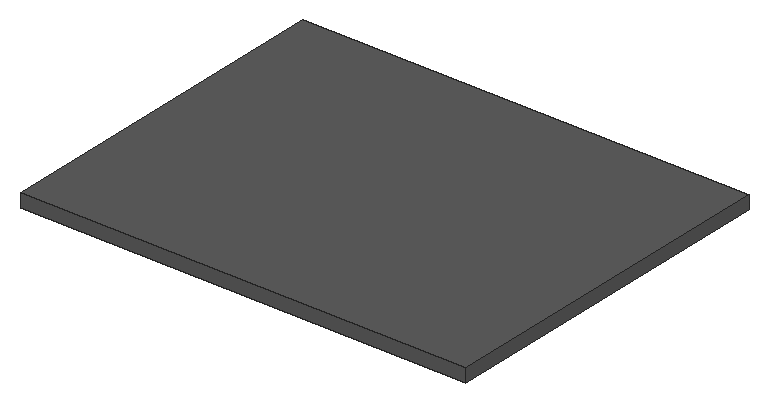
Revit family "Countertop-60cm-WoodenTopCounter-Vitra-OriginSeries-65942+65943+65944", category Furniture Systems, host Face, Revit 2017
Family settings
  Host = Face
  Round Connector Dimension = Use Diameter
  Part Type = Normal
  OmniClass Number = 23.40.00.00
  OmniClass Title = Equipment and Furnishings
  Cut with Voids When Loaded = No
  Shared = Yes
  Room Calculation Point = No
Parameters (values of type "Countertop-60cm-WoodenTopCounter-Vitra-OriginSeries-65942")
  Youtube = "https://www.youtube.com/user/VitrAglobal"
  Weight Net (kg) = ""
  Warranty Period (Year) = "2"
  Uniformat II Description = "INTERIOR FINISHES"
  Uniformat II Code = "C30"
  Uniclass 2015 Name = "Counter tops"
  Uniclass 2015 Code = "Pr_40_30_30_18"
  Uniclass 2.0 Description = "Counter Tops"
  Uniclass 2.0 Code = "PR-35-12-18"
  Uniclass 1.4 Description = "Counters"
  Uniclass 1.4 Code = "L8571"
  URL = "https://vitraglobal.com/"
  UNSPSC Description = ""
  UNSPSC Code = ""
  Technical description = "https://www.vitraglobal.com/pdf/65942/"
  Tap hole Options (default) = ""
  Specification = ""
  Region South America = "All"
  Region Oceania = "All"
  Region North America = "All"
  Region Middle East = "All"
  Region Europe = "All"
  Region Asia = "All"
  Region Antarctica = "All"
  Region Africa = "All"
  Product url = "https://www.vitraglobal.com/bathroom-furniture/counters/standard-workbenches/origin-wooden-top-counter-sku-65942/"
  Product manual = ""
  Product group = "Counters - Standard Workbenches - Wooden Top counter\r\n>"
  Product family = "Origin"
  Product data url = ""
  Product certification = "https://www.vitraglobal.com/brochures/"
  Product SKU = "65942"
  Product Guid = "https://www.vitraglobal.com/uyeIslem/fileDownload.aspx?udkEnc=lDJDVGfItQqhse95mBny+V8Q+Wgl1tQ7VDa5y2gnhT5kT2xGl+AZIqa+c0GYStGty5RAcLBbx8jgujzzmyndsw==&lang=en-US"
  Primary Material = PatternedBlackOak
  OmniClass Description = "Casework Component Work Surfaces"
  OmniClass Code = "23-21 19 17"
  Nominal Width (mm) = 605 mm
  Nominal Height (mm) = 18 mm
  Nominal Depth (mm) = 480 mm
  NBS Referans Description = "Counter Tops"
  NBS Referans Code = "35-12-18"
  Mounting type = "Top Counter"
  Model = "65942"
  Masterformat 2014 Description = "Countertops"
  Masterformat 2014 Code = "12 36 00"
  Manufacturer name = "VitrA"
  Manufacturer = "VitrA"
  Main Material = "Wooden"
  Installation instructions = "https://www.vitraglobal.com/uyeIslem/fileDownload.aspx?udkEnc=FesoKCXnCR1/v87LwOnNkV40tbEo5flpOMw9fbBgcLoI0EkuM1cA6ewGJ43bh/5A8/r5vK1V7EcZkUDV//+khg==&lang=en-US"
  IFC Classification = "Furnishing Element"
  EAN code = ""
  Design country = "Turkey"
  Description = "Origin Wooden Top counter  - without syphon hole - 60cm -  Patterned Black Oak"
  Default Elevation = 850 mm
  Color = "PatternedBlackOak"
  COBIe Type Category = ""
  Brand = "VitrA"
  BIMobject category = "Countertops"
  Article No. (default) = "65942"
  Accessories (default) = ""
Types (3, lengths in mm): name | Technical description | Product url | Product SKU | Product Guid | Primary Material | Model | Installation instructions | Description | Color | Article No. (default)
  Countertop-60cm-WoodenTopCounter-Vitra-OriginSeries-65942 | "https://www.vitraglobal.com/pdf/65942/" | "https://www.vitraglobal.com/bathroom-furniture/counters/standard-workbenches/origin-wooden-top-counter-sku-65942/" | "65942" | "https://www.vitraglobal.com/uyeIslem/fileDownload.aspx?udkEnc=lDJDVGfItQqhse95mBny+V8Q+Wgl1tQ7VDa5y2gnhT5kT2xGl+AZIqa+c0GYStGty5RAcLBbx8jgujzzmyndsw==&lang=en-US" | PatternedBlackOak | "65942" | "https://www.vitraglobal.com/uyeIslem/fileDownload.aspx?udkEnc=FesoKCXnCR1/v87LwOnNkV40tbEo5flpOMw9fbBgcLoI0EkuM1cA6ewGJ43bh/5A8/r5vK1V7EcZkUDV//+khg==&lang=en-US" | "Origin Wooden Top counter  - without syphon hole - 60cm -  Patterned Black Oak" | "PatternedBlackOak" | "65942"
  Countertop-60cm-WoodenTopCounter-Vitra-OriginSeries-65943 | "https://www.vitraglobal.com/pdf/65943/" | "https://www.vitraglobal.com/bathroom-furniture/counters/standard-workbenches/origin-wooden-top-counter-sku-65943/" | "65943" | "https://www.vitraglobal.com/uyeIslem/fileDownload.aspx?udkEnc=xVbw6zoK2tj2gpcVmhHBqYmlMxWwflkKDHgrCCiJCaXccAS1btiY8DWCdM9pif+6ZUZNrUFfy9B+OxtXL9u6/Q==&lang=en-US" | Elm | "65943" | "https://www.vitraglobal.com/uyeIslem/fileDownload.aspx?udkEnc=zElSCSg7PucOEOWQlkLVbSMM2EsEU5hQaj/nTd0VUc2cttQyHNTcTB+xPc/sosf3BK+eYjqQEXM4Lyx5wGR7mw==&lang=en-US" | "Origin Wooden Top counter - without syphon hole - 60cm - Elm" | "Elm" | "65943"
  Countertop-60cm-WoodenTopCounter-Vitra-OriginSeries-65944 | "https://www.vitraglobal.com/pdf/65944/" | "https://www.vitraglobal.com/bathroom-furniture/counters/standard-workbenches/origin-wooden-top-counter-sku-65944/" | "65944" | "https://www.vitraglobal.com/uyeIslem/fileDownload.aspx?udkEnc=kGmNmAtNOJS87E06xLf+SGCxcWyfAhJ8NCNfRacVZk7DdEJZouFsfmZCzVzgpB64F1vXezZO0EXIwcVjyqfLcQ==&lang=en-US" | Flat Oak | "65944" | "https://www.vitraglobal.com/uyeIslem/fileDownload.aspx?udkEnc=z07YjRpDnPYbDbzhc1lef11/P9/uuyhAMlfUgJ5T2BSJ4vk/neMd+a9RtAPpWuVpRoAPf3rfgrzFiFNF+nfOjw==&lang=en-US" | "Origin Wooden Top counter - without syphon hole - 60cm - Flat Oak" | "Flat Oak" | "65944"
Reference planes
  plane 1 "Center (Front/Back)": y = 0
  plane 2: z = 0
  plane 3 "Center (Left/Right)": x = 141.23
  plane 4: x = 443.73
  plane 5: x = -161.27
  plane 6: y = 240
  plane 7: y = -240
  plane 8: z = -832
  plane 9: z = 18
Forms (mm)
  Extrusion 1, solid, detail levels coarse
    sketch origin (0, 0, 0) x (1, 0, 0) y (0, 1, 0)
      loop
        line (443.73, 240) -> (-161.27, 240) -> (-161.27, -240) -> (443.73, -240) -> (443.73, 240)
    from 0 to 18
  Extrusion 2, solid, material "PatternedBlackOak" <- "Primary Material", detail levels medium+fine
    sketch origin (0, 0, 0) x (1, 0, 0) y (0, 1, 0)
      loop
        line (443.73, 240) -> (-161.27, 240) -> (-161.27, -240) -> (443.73, -240) -> (443.73, 240)
    from 0 to 18
Dimensions and locks
  "Nominal Width (mm)": plane 5 to plane 4
  "Nominal Depth (mm)": plane 6 to plane 7
  plane 9 to plane 8 = 850 mm
  "Nominal Height (mm)": plane 9 to host face
  equal spacing: plane 5, plane 3 "Center (Left/Right)", plane 4
  aligned and locked: plane 2 to host face
  aligned and locked: level to host face
Automatic sketch dimensions
  host sketch curve to host sketch curve = 2438.4 mm  (x2)
  Extrusion 1 sketch curve to plane 5 = 0 mm
  Extrusion 1 sketch curve to plane 4 = 0 mm
  Extrusion 1 sketch curve to plane 7 = 0 mm
  Extrusion 1 sketch curve to plane 6 = 0 mm
  Extrusion 2 sketch curve to plane 5 = 0 mm
  Extrusion 2 sketch curve to plane 4 = 0 mm
  Extrusion 2 sketch curve to plane 7 = 0 mm
  Extrusion 2 sketch curve to plane 6 = 0 mm
